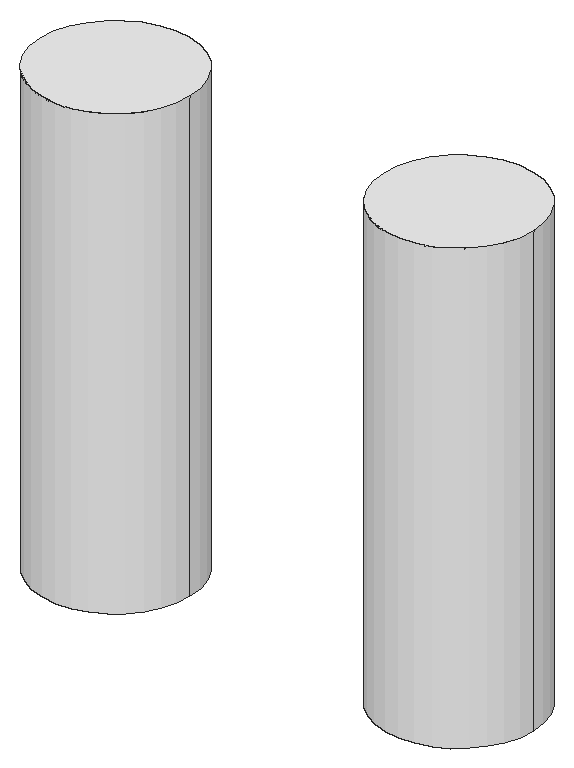
Revit family "93202009(2023)", category Plumbing Fixtures, Revit 2020
Family settings
  Round Connector Dimension = Use Diameter
  Part Type = Normal
  OmniClass Number = 23.45.55.00
  OmniClass Title = Sanitary Faucets, Wastes
  Work Plane-Based = No
  Always vertical = Yes
  Cut with Voids When Loaded = No
  Shared = No
  Room Calculation Point = No
Parameters (values of type "93202009 HANSAELECTRA")
  Working Pressure = "100 - 1000 kPa"
  WarrantyStartDate [instance] = "n/a"
  WarrantyGuarantorParts = "n/a"
  WarrantyGuarantorLabor = "n/a"
  WarrantyDurationUnit = "Year"
  WarrantyDurationParts = "n/a"
  WarrantyDurationLabor = "n/a"
  WarrantyDescription = "http://warranty.hansa.com"
  Warranty Information URL = "http://warranty.hansa.com"
  VersionDate = "20/02/2024"
  Version = "1"
  ValvePattern = "n/a"
  ValveOperation = "n/a"
  ValveMechanism = "n/a"
  Uniclass2015Reference = "Pr_40_20_87_96"
  Uniclass2015Description = "Washbasin manual water supply sets"
  Uniclass2 = "Pr_40_30_96_96"
  URL WEEE = "http://static.hansa.com/WEEE/93202009"
  URL REACH = "http://static.hansa.com/doc/reach"
  URL Materials Declaration = "http://www.hansa.com/fileadmin/resources/188799_93202009_materialsdeclaration.pdf"
  URL Environmental Product Declaration EPD = "http://www.hansa.com/fileadmin/resources/189536_Oras Group EPD_Touchless composite washbasin faucet.pdf"
  URL EcoLabel Declaration = "http://static.hansa.com/doc/EcoLabel"
  URL EU Packaging Declaration = "http://static.hansa.com/doc/packaging"
  URL Declaration of SCIP = "http://static.hansa.com/doc/SCIP"
  URL Declaration of Conformity = "http://static.hansa.com/DoC/93202009"
  URL Declaration of Asbestos = "http://static.hansa.com/doc/asbestos"
  URL Declaration Of Performance (DOP) = "http://static.hansa.com/doc/DoP"
  URL = ""
  UNSPSC Class Number = "30181700 Faucets or taps"
  Type Comments = ""
  TestPressure = "n/a"
  Temperature Adjustments = "Adjustable hot water stop (included, retrofittable);"
  Technical DataSheet URL = "http://www.hansa.com/datasheet/93202009/en"
  TagNumber [instance] = "n/a"
  SustainabilityPerformance = "n/a"
  Surface treatment = "Chrome"
  Spout Type = "Fixed spout"
  Spout Projection = "118 mm"
  Size = "70x165x190 mm"
  Short Marketing = "Electra 93 series is giving you a whole new modern design with its rounded square body and spout giving you new fresh and updated design.\nThe tall design compliments the new trends of modern bathroom of more square design and shallow sinks, where the extra height gives you more comfortable usage.\n\nKey Features\nAerator with Tilt function +/- 10° for more flexible installation\nNewest Sensor technology for better detection and operation comfort\nBluetooth technology for easy adjustment to personalize settings \nAntiscalding protection\nTemperature measurement\nDigital Network Service\nPower Plug"
  Shape = "Sculptured"
  SerialNumber [instance] = "n/a"
  Sales Package dimensions (LxWxH) = "568 x 182 x 78"
  Revision = "n/a"
  ReplacementCost = "n/a"
  Protection Class = "IP 55 / transformer IP 20"
  ProductInformation = "n/a"
  Product URL = "http://static.hansa.com/93202009"
  Product Image URL = "http://static.hansa.com/image/93202009"
  Product Family = "Digital Touchless;Plug transformer;Bluetooth®;Lead free"
  Product Code = "93202009"
  OperatingMechanismMaterial = "n/a"
  Operating Voltage = 9 V
  Operating Distance = "20-130 mm (110/130/160 mm)"
  NominalWidth = 67.722 mm
  NominalHeight = 190 mm
  NominalDepth = 163.081 mm
  Noise Class = "I (ISO 3822) "
  Name_en = "93202009 HANSAELECTRA"
  Name = "93202009 HANSAELECTRA"
  NBSReference = "45-35-70/371"
  NBSDescription = "Water supply fittings for wash basins and troughs"
  Mounting Holes = "1 hole"
  ModelReference = "93202009"
  ModelNumber = "n/a"
  Model = "93202009 HANSAELECTRA"
  Mobile Product Information URL = "http://mpi.hansa.com/93202009"
  Mechanical Parts = "Mixing valve for manual temperature control;Non-return valve(s);Litter filter(s)"
  Max. Hot Water Supply = 70 °C
  Max Flow Period = "2 min (1 - 1800 s)"
  Material = "Composite"
  Market = "International;Germany;Austria;Switzerland;Belgium;Netherlands;Italy"
  ManufacturerURL = "http://www.hansa.com"
  ManufacturerName = "HANSA"
  Manufacturer = "HANSA"
  Long Marketing = "Bluetooth Touchless faucet with tilt aerator. +/- 10° adjustment option.\nEasy grip temperature lever for good grip and easy adjustment. \nSMART intelligent bluetooth sensor with 3 optical lenses for improved performance supported by app connection for personalized and easy adjustment of sensor settings.\nSupports Digital Network Service for remote monitoring and communication.\nIntelligent temperature measurement and intelligent Antiscalding protection.\nMetal free waterways due to high pressure composite construction and easy installation due to fast and easy 3S installation system."
  Lever Handle = "Temperature control handle"
  Keynote = ""
  Interactive AR View URL = "https://static.hansa.com/AR/93202009"
  InstallationDate [instance] = "n/a"
  Installation and Maintenance Guide URL = "http://static.hansa.com/manual/93202009"
  Installation Type = "Deck mounted"
  InletConnectionSize = 10 mm
  IfcExportType = "FAUCET"  # constant formula
  IfcExportAs = "IfcValveType"  # constant formula
  Group = "Sales item"
  Grade = "n/a"
  FlowCoefficient = 0
  Finish = "Polished"
  Features = "Washbasin faucet"
  FaucetMainMaterial = Brass
  FDV Document URL = "http://www.hansa.com/datasheet/93202009/en/fdv"
  ExpectedLife = "n/a"
  Electronic Parts = ";Power supply;Light indicated function(s)"
  Electrical Connection = "230 / 9 V"
  ETIM Class Number = "EC010340 Electronic tap"
  EN Standard = "EN 15091,\nETSI EN 301 489-1 V1.9.2 , \nETSI EN 300 328 v2.2.2 , \nEN 61000-6-1:2007 , \nEN 61000-6-3:2007+A1:2011+AC:2012 , \nEN 60335-1:2012+A11+A13+A1+A14+A2+A15:2021, Part 19.11.4"
  EMC Directive = "Radio Equipment Directive 2014/53/EU , \nLow Voltage Directive 2014/35/EU , \nEMC Directive 2014/30/EU , \nRoHS Directive 2011/65/EU"
  EAN Number = "4057304019616"
  DurationUnit = "Year"
  Dimension Drawing URL = "http://static.hansa.com/dimdrw/93202009"
  Description = ""
  DefaultElevation [instance] = 900 mm
  Default Elevation = 0 mm
  Constituents = "n/a"
  Connection Size = "G3/8"
  Connection = "Flexible inlet pipes"
  Color = "Chrome"
  CodePerformance = "n/a"
  CloseOffRating = 0
  Catalog Drawing URL = "http://static.hansa.com/catdrw/93202009"
  CO2 Emissions (D) = -0.68
  CO2 Emissions (C4) = 0.86
  CO2 Emissions (C3) = 0
  CO2 Emissions (C2) = 0.01
  CO2 Emissions (A4) = 0.14
  CO2 Emissions (A1-A3) = 3.62
  Brand = "HANSA"
  BodyMaterial = "Brass"
  Bluetooth = "5.x (D060576)"
  Barcode [instance] = "n/a"
  Backflow Prevention EN1717 = "EB"
  BIMObjectName = "93202009(2023)"
  Automatic Flush Period = "30 s (1-1800 s)"
  Automatic Flush Frequency = "off (off/1-120 h)"
  Author = "BIMStone"
  AssetType = "Fixed"
  AssetIdentifier [instance] = "n/a"
  Afterflow Period = "3 s (1-20 s)"
  Aerator = "PCA® - constant flow rate regardless of pressure variations;Adjustable flow angle"
  Advanced Features = "3S-installation system for safe and simple mounting;Software settings adjustable via App"
  AccessibilityPerformance = "n/a"
  3D View = "https://static.hansa.com/AR/93202009"
  2D/3D/BIM Files URL = "http://static.hansa.com/bim/93202009"
Reference planes
  plane 1 "Center (Front/Back)": y = 0
  plane 2: z = 0
  plane 3 "Center (Left/Right)": x = 0
  plane 4: x = -27.304
  plane 5: z = 900
  plane 6: z = 870
  plane 7: y = -163.081
  plane 8: x = 27.304
  plane 9: z = 1090
  plane 10: x = 40.417
Forms (mm)
  Extrusion 1, solid, material "Brass" <- "FaucetMainMaterial"
    sketch origin (0, -2.393, 0) x (1, 0, 0) y (0, 1, 0)
      loop
        circle (-11.5, -22.5) r 5
      loop
        circle (11.5, -22.5) r 5
    from 870 to 900
Dimensions and locks
  "DefaultElevation": plane 5 to level
  locked: plane 5 to plane 6 at 30
  "NominalDepth": plane 7 to plane 1 "Center (Front/Back)"
  equal spacing: plane 4, plane 3 "Center (Left/Right)", plane 8
  "NominalHeight": plane 9 to plane 5
  locked: plane 8 to plane 10 at 13.113
  "NominalWidth": plane 4 to plane 10
  "InletConnectionSize": diameter of Extrusion 1 sketch curve  (x2)
  aligned and locked: level to plane 2
  aligned and locked: plane 5 to Extrusion 1
  aligned and locked: Extrusion 1 to plane 6
  aligned and locked: plane 1 "Center (Front/Back)" to nested 2
  aligned and locked: plane 3 "Center (Left/Right)" to nested 2
  aligned and locked: plane 3 "Center (Left/Right)" to nested 1
  aligned and locked: plane 1 "Center (Front/Back)" to nested 1
  aligned and locked: plane 5 to nested 2
Automatic sketch dimensions
  Extrusion 1 sketch curve to plane 3 "Center (Left/Right)" = 11.5 mm
  plane 3 "Center (Left/Right)" to Extrusion 1 sketch curve = 11.5 mm
  plane 1 "Center (Front/Back)" to Extrusion 1 sketch curve = 24.893 mm
  Extrusion 1 sketch curve to Extrusion 1 sketch curve = 0 mm
Nested families
  nested 1: "Symbol" at (0, 0, 0), type "Symbol", detail levels coarse
  nested 2: "93202009(2023)_Body" at (0, 0, 900), Material <- "FaucetMainMaterial", type "93202009(2023)_Body"
    with Material Brass
Connectors
  piping at (-11.5, -24.893, 870), diameter 10, driven by "InletConnectionSize"
    settings: on Extrusion 1, index 1, connector inside diameter 609.6 mm, connector length 0 mm, flow factor 0, pipe flow 0.2 L/s, pressure drop 0.0 Pa, fitting loss kfactor 0, connector angle 0.00°, fixture units 0, engagement length 0 mm, angle of deflection 0.00°, flow configuration 1, flow direction 1, fitting loss method 0, system type 19, joint type 0, gender type 0, connector reference index -1, connector utility 0, adjustable connector no, is connector primary yes, connector description ""
  piping at (11.5, -24.893, 870), diameter 10, driven by "InletConnectionSize"
    settings: on Extrusion 1, index 2, connector inside diameter 609.6 mm, connector length 0 mm, flow factor 0, pipe flow 0.2 L/s, pressure drop 0.0 Pa, fitting loss kfactor 0, connector angle 0.00°, fixture units 0, engagement length 0 mm, angle of deflection 0.00°, flow configuration 1, flow direction 1, fitting loss method 0, system type 20, joint type 0, gender type 0, connector reference index -1, connector utility 0, adjustable connector no, is connector primary no, connector description ""
Definition of nested family "Symbol"
  Reference planes
    plane 1: y = 0
    plane 2: x = 0
  Lines and regions (mm)
    detail lines
      curve 1: line (0, 0, 0) -> (0, -1.8, 0)
      curve 2: line (-0.4, -1.1, 0) -> (0.4, -1.1, 0)
      curve 3: line (-0.4, -1.4, 0) -> (0.4, -1.4, 0)
      curve 4: line (0.863, 0, 0) -> (-0.863, 0, 0)
      curve 5: circle (-1.163, 0, 0) r 0.3 normal (0, 0, -1)
      curve 6: circle (1.163, 0, 0) r 0.3 normal (0, 0, 1)
